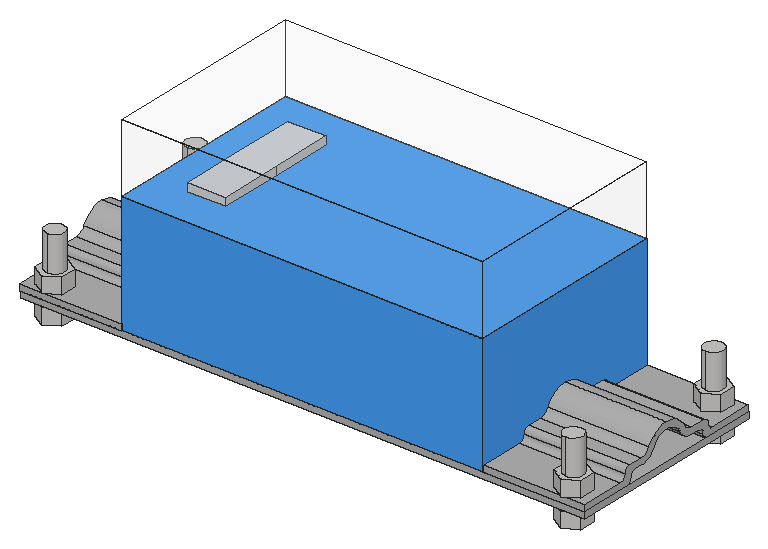
Revit family "DF_СчетчикУдаровМолнии_FOREND_91887_EZETEK", category Соединительные детали воздуховодов, Revit 2017
Family settings
  Размер круглого соединителя = Использовать радиус
  Тип детали = Соединение
  На основе рабочей плоскости = Нет
  Всегда вертикально = Да
  При загрузке вырезать с полостями = Нет
  Общий = Нет
Parameters (values of type "СчетчикУдаровМолнии_FOREND_91887")
  Угол = 90.00°  # constant formula
  Тип = FA_СчетчикУдаровМолнии_FOREND_91887_EZETEK : СчетчикУдаровМолнии_FOREND_91887
  СфераОшибки [instance] = 1 = 0  # no
  Предупреждение [instance] = if(СфераОшибки, "Допустимые диаметры стержней: 8, 10", "")  # ""
  Описание = "Держатель выполнен из оцинкованной стали и применяется для закрепления полосы и прутка на горизонтальных и вертикальных поверхностях. Зажим стягивается болтами с гайками М8. Для крепления держатель имеет отверстие диаметром 8,4 мм под винт либо саморез."  # constant formula
  Производитель_Контакты = "ezetek@ezetek.ru"  # constant formula
  built-in parameter 1114242 [instance] = 1 = 0  # (empty or 0)
  Изготовитель = "Ezetek"  # constant formula
  Группа модели = "Активная молниезащита"  # constant formula
  URL = "https://ezetek.ru/"
  R_Error [instance] = 1 mm  # constant formula
  ADSK_Этаж [instance] = ""
  ADSK_Размер_Радиус [instance] = 5 mm
  ADSK_Размер_Диаметр [instance] = 2 * ADSK_Размер_Радиус  # 10 mm
  ADSK_Примечание [instance] = "Неспецифицируемое"  # constant formula
  ADSK_Позиция [instance] = "Неспецифицируемое"  # constant formula
  ADSK_Обозначение = "Неспецифицируемое"  # constant formula
  ADSK_Наименование краткое [instance] = "Неспецифицируемое"  # constant formula
  ADSK_Наименование = "Неспецифицируемое"  # constant formula
  ADSK_Материал = BIMLIB_Сталь_Оцинкованная_EZETEK
  ADSK_Масса_Текст = "Неспецифицируемое"  # constant formula
  ADSK_Масса = 0  # constant formula
  ADSK_Марка = "Неспецифицируемое"  # constant formula
  ADSK_Количество = 0  # constant formula
  ADSK_Код изделия = "Неспецифицируемое"  # constant formula
  ADSK_Завод-изготовитель = "Неспецифицируемое"  # constant formula
  ADSK_Единица измерения = "Неспецифицируемое"  # constant formula
  ADSK_Группирование [instance] = ""
  ADSK_Версия Revit = "2017"  # constant formula
Reference planes
  plane 1 "По центру (Вперед/Назад)": y = 0
  plane 2: z = 0
  plane 3 "По центру (Влево/Вправо)": x = 0
  plane 4 "M": y = 0
  plane 5 "U": z = 0
  plane 6: x = 0
Forms (mm)
  Revolve 1, solid, visible <- "СфераОшибки"
    sketch origin (0, 0, 0) x (1, 0, 0) y (0, 1, 0)
      loop
        arc (1, 0) -> (0, 1) -> (-1, 0) r 1
        line (-1, 0) -> (1, 0)
      axis (1, 0) -> (-1, 0)
    angle from 0 to 360
Lines and regions (mm)
  reference lines
    curve 1: line (1, 0, 0) -> (-1, 0, 0)
Dimensions and locks
  equal spacing: curve 1, plane 6, curve 1
  locked: curve 1 to curve 1 at 2
  locked: plane 5 "U" to plane 2
  "R_Error": radius of Revolve 1 sketch curve
  aligned and locked: level to plane 2
  aligned and locked: curve 1 to plane 5 "U"
  aligned and locked: plane 1 "По центру (Вперед/Назад)" to Revolve 1 sketch curve  (x2)
  aligned and locked: Revolve 1 sketch curve to plane 4 "M"
Automatic sketch dimensions
  plane 1 "По центру (Вперед/Назад)" to curve 1 = 0 mm
  Revolve 1 sketch curve to plane 3 "По центру (Влево/Вправо)" = 0 mm
  Revolve 1 sketch curve to Revolve 1 sketch curve = 42.294 mm
  Revolve 1 sketch curve to Revolve 1 sketch curve = 33.119 mm
Nested families
  nested 1: "FA_СчетчикУдаровМолнии_FOREND_91887_EZETEK" at (0, 0, -2.625) x (0, -1, 0) z (0, 0, 1), ADSK_Этаж <- "ADSK_Этаж", ADSK_Группирование <- "ADSK_Группирование", type "СчетчикУдаровМолнии_FOREND_91887", detail levels medium+fine
    with Использовать масштаб аннотаций 0, ADSK_Этаж "", ADSK_Примечание "", ADSK_Позиция "", ADSK_Наименование краткое "Зажим заземления", ADSK_Группирование ""
Connectors
  hvac at (-1, 0, 0), driven by "ADSK_Размер_Диаметр"
    settings: on curve 1, index 1, duct flow 0.0 L/s, flow factor 0, pres drop 0.0 Pa, loss coef 0, conn angle 0.00°, conn width 30 mm, conn height 4 mm, conn diameter 20 mm, duct sys type 28, conn prof type 0, flow config 0, flow direction 0, loss method 0, conn ref index 2, conn util no, is conn primary yes, conn desc ""
  hvac at (1, 0, 0), driven by "ADSK_Размер_Диаметр"
    settings: on curve 1, index 2, duct flow 0.0 L/s, flow factor 0, pres drop 0.0 Pa, loss coef 0, conn angle 0.00°, conn width 30 mm, conn height 4 mm, conn diameter 20 mm, duct sys type 28, conn prof type 0, flow config 0, flow direction 0, loss method 0, conn ref index 1, conn util no, is conn primary no, conn desc ""
Definition of nested family "FA_СчетчикУдаровМолнии_FOREND_91887_EZETEK"
  Parameters (values of type "СчетчикУдаровМолнии_FOREND_91887")
    Производитель_Контакты = "ezetek@ezetek.ru"  # constant formula
    Description = "Счетчик ударов молнии FOREND предназначен для фиксации ударов молнии. Счетчик ударов молнии имеет индукционный принцип работы. Счетчик ударов молнии закрепляется непосредственно на токоотвод и фиксирует момент протекания тока молнии по токоотводу. Счетчик ударов молнии не нуждается в подключении внешних источников питания, в т.ч. аккумуляторных батарей. На всю систему молниезащиты объекта достаточно использовать один счетчик ударов молнии."  # constant formula
    Использовать масштаб аннотаций [instance] = 1 = 0  # 0
    Manufacturer = "Ezetek"  # constant formula
    URL = "https://ezetek.ru/"
    ADSK_Этаж [instance] = ""
    ADSK_Примечание [instance] = ""
    ADSK_Позиция [instance] = ""
    ADSK_Обозначение = "91887"
    ADSK_Наименование краткое [instance] = "Счетчик ударов"
    ADSK_Наименование = "Счетчик ударов молнии FOREND"
    ADSK_Материал = none
    ADSK_Масса_Текст = "0.68"  # constant formula
    ADSK_Масса = 0.68  # constant formula
    ADSK_Марка = "91887"
    ADSK_Количество = 1  # constant formula
    ADSK_Код изделия = "91887"
    ADSK_Завод-изготовитель = "Ezetek"  # constant formula
    ADSK_Единица измерения = "шт."  # constant formula
    ADSK_Группирование [instance] = ""
    ADSK_Версия Revit = "2017"  # constant formula
  Reference planes
    plane 1 "По центру (Вперед/Назад)": y = 0
    plane 2: z = 0
    plane 3 "По центру (Влево/Вправо)": x = 0
    plane 4: x = 0
    plane 5: x = -32.5
    plane 6: x = 32.5
    plane 7: z = -8.4
    plane 8: z = 53.6
    plane 9: z = 31.6
    plane 10: y = 90
    plane 11: y = -90
    plane 12: y = 57.5
    plane 13: y = -57.5
    plane 14: z = -13.4
  Forms (mm)
    Blend 1, solid, material <- "ADSK_Материал", detail levels fine
      base sketch origin (0, 0, -5) x (1, 0, 0) y (0, 0, 1)
        loop
          arc (-16.245, -1.409) -> (-15.007, -0.896) -> (-14.495, 0.341) r 1.75
          arc (-14.495, 0.341) -> (-13.982, 1.579) -> (-12.745, 2.091) r 1.75
          line (-12.745, 2.091) -> (-10.186, 2.091)
          arc (-10.186, 2.091) -> (-7.32, 2.872) -> (-5.248, 5) r 5.646
          arc (-5.248, 5) -> (-3.045, 7.261) -> (0, 8.091) r 6
          arc (0, 8.091) -> (3.045, 7.261) -> (5.248, 5) r 6
          arc (5.248, 5) -> (7.32, 2.872) -> (10.186, 2.091) r 5.646
          line (10.186, 2.091) -> (12.745, 2.091)
          arc (12.745, 2.091) -> (13.982, 1.579) -> (14.495, 0.341) r 1.75
          arc (14.495, 0.341) -> (15.007, -0.896) -> (16.245, -1.409) r 1.75
          line (16.245, -1.409) -> (32.5, -1.409) -> (32.5, 0.591) -> (18.245, 0.591)
          arc (18.245, 0.591) -> (17.007, 1.104) -> (16.495, 2.341) r 1.75
          arc (16.495, 2.341) -> (15.982, 3.579) -> (14.745, 4.091) r 1.75
          line (14.745, 4.091) -> (10.001, 4.091)
          arc (10.001, 4.091) -> (8.285, 4.566) -> (7.059, 5.856) r 3.335
          arc (7.059, 5.856) -> (4.116, 8.951) -> (0, 10.091) r 8
          arc (0, 10.091) -> (-4.116, 8.951) -> (-7.059, 5.856) r 8
          arc (-7.059, 5.856) -> (-8.285, 4.566) -> (-10.001, 4.091) r 3.335
          line (-10.001, 4.091) -> (-14.745, 4.091)
          arc (-14.745, 4.091) -> (-15.982, 3.579) -> (-16.495, 2.341) r 1.75
          arc (-16.495, 2.341) -> (-17.007, 1.104) -> (-18.245, 0.591) r 1.75
          line (-18.245, 0.591) -> (-32.5, 0.591) -> (-32.5, -1.409) -> (-16.245, -1.409)
      top sketch origin (0, 0, -5) x (1, 0, 0) y (0, 0, 1)
        loop
          arc (-16.245, -1.409) -> (-15.007, -0.896) -> (-14.495, 0.341) r 1.75
          arc (-14.495, 0.341) -> (-13.982, 1.579) -> (-12.745, 2.091) r 1.75
          line (-12.745, 2.091) -> (-10.186, 2.091)
          arc (-10.186, 2.091) -> (-7.32, 2.872) -> (-5.248, 5) r 5.646
          arc (-5.248, 5) -> (-3.045, 7.261) -> (0, 8.091) r 6
          arc (0, 8.091) -> (3.045, 7.261) -> (5.248, 5) r 6
          arc (5.248, 5) -> (7.32, 2.872) -> (10.186, 2.091) r 5.646
          line (10.186, 2.091) -> (12.745, 2.091)
          arc (12.745, 2.091) -> (13.982, 1.579) -> (14.495, 0.341) r 1.75
          arc (14.495, 0.341) -> (15.007, -0.896) -> (16.245, -1.409) r 1.75
          line (16.245, -1.409) -> (32.5, -1.409) -> (32.5, 0.591) -> (18.245, 0.591)
          arc (18.245, 0.591) -> (17.007, 1.104) -> (16.495, 2.341) r 1.75
          arc (16.495, 2.341) -> (15.982, 3.579) -> (14.745, 4.091) r 1.75
          line (14.745, 4.091) -> (10.001, 4.091)
          arc (10.001, 4.091) -> (8.285, 4.566) -> (7.059, 5.856) r 3.335
          arc (7.059, 5.856) -> (4.116, 8.951) -> (0, 10.091) r 8
          arc (0, 10.091) -> (-4.116, 8.951) -> (-7.059, 5.856) r 8
          arc (-7.059, 5.856) -> (-8.285, 4.566) -> (-10.001, 4.091) r 3.335
          line (-10.001, 4.091) -> (-14.745, 4.091)
          arc (-14.745, 4.091) -> (-15.982, 3.579) -> (-16.495, 2.341) r 1.75
          arc (-16.495, 2.341) -> (-17.007, 1.104) -> (-18.245, 0.591) r 1.75
          line (-18.245, 0.591) -> (-32.5, 0.591) -> (-32.5, -1.409) -> (-16.245, -1.409)
      from 90 to 57.5
    Blend 2, solid, material <- "ADSK_Материал", detail levels fine
      base sketch origin (0, 0, -5) x (1, 0, 0) y (0, 0, -1)
        loop
          line (-16.245, 1.409) -> (-32.5, 1.409) -> (-32.5, -0.591) -> (-18.245, -0.591)
          arc (-18.245, -0.591) -> (-17.007, -1.104) -> (-16.495, -2.341) r 1.75
          arc (-16.495, -2.341) -> (-15.982, -3.579) -> (-14.745, -4.091) r 1.75
          line (-14.745, -4.091) -> (-10.001, -4.091)
          arc (-10.001, -4.091) -> (-8.285, -4.566) -> (-7.059, -5.856) r 3.335
          arc (-7.059, -5.856) -> (-4.116, -8.951) -> (0, -10.091) r 8
          arc (0, -10.091) -> (4.116, -8.951) -> (7.059, -5.856) r 8
          arc (7.059, -5.856) -> (8.285, -4.566) -> (10.001, -4.091) r 3.335
          line (10.001, -4.091) -> (14.745, -4.091)
          arc (14.745, -4.091) -> (15.982, -3.579) -> (16.495, -2.341) r 1.75
          arc (16.495, -2.341) -> (17.007, -1.104) -> (18.245, -0.591) r 1.75
          line (18.245, -0.591) -> (32.5, -0.591) -> (32.5, 1.409) -> (16.245, 1.409)
          arc (16.245, 1.409) -> (15.007, 0.896) -> (14.495, -0.341) r 1.75
          arc (14.495, -0.341) -> (13.982, -1.579) -> (12.745, -2.091) r 1.75
          line (12.745, -2.091) -> (10.186, -2.091)
          arc (10.186, -2.091) -> (7.32, -2.872) -> (5.248, -5) r 5.646
          arc (5.248, -5) -> (3.045, -7.261) -> (0, -8.091) r 6
          arc (0, -8.091) -> (-3.045, -7.261) -> (-5.248, -5) r 6
          arc (-5.248, -5) -> (-7.32, -2.872) -> (-10.186, -2.091) r 5.646
          line (-10.186, -2.091) -> (-12.745, -2.091)
          arc (-12.745, -2.091) -> (-13.982, -1.579) -> (-14.495, -0.341) r 1.75
          arc (-14.495, -0.341) -> (-15.007, 0.896) -> (-16.245, 1.409) r 1.75
      top sketch origin (0, 0, -5) x (1, 0, 0) y (0, 0, -1)
        loop
          line (-16.245, 1.409) -> (-32.5, 1.409) -> (-32.5, -0.591) -> (-18.245, -0.591)
          arc (-18.245, -0.591) -> (-17.007, -1.104) -> (-16.495, -2.341) r 1.75
          arc (-16.495, -2.341) -> (-15.982, -3.579) -> (-14.745, -4.091) r 1.75
          line (-14.745, -4.091) -> (-10.001, -4.091)
          arc (-10.001, -4.091) -> (-8.285, -4.566) -> (-7.059, -5.856) r 3.335
          arc (-7.059, -5.856) -> (-4.116, -8.951) -> (0, -10.091) r 8
          arc (0, -10.091) -> (4.116, -8.951) -> (7.059, -5.856) r 8
          arc (7.059, -5.856) -> (8.285, -4.566) -> (10.001, -4.091) r 3.335
          line (10.001, -4.091) -> (14.745, -4.091)
          arc (14.745, -4.091) -> (15.982, -3.579) -> (16.495, -2.341) r 1.75
          arc (16.495, -2.341) -> (17.007, -1.104) -> (18.245, -0.591) r 1.75
          line (18.245, -0.591) -> (32.5, -0.591) -> (32.5, 1.409) -> (16.245, 1.409)
          arc (16.245, 1.409) -> (15.007, 0.896) -> (14.495, -0.341) r 1.75
          arc (14.495, -0.341) -> (13.982, -1.579) -> (12.745, -2.091) r 1.75
          line (12.745, -2.091) -> (10.186, -2.091)
          arc (10.186, -2.091) -> (7.32, -2.872) -> (5.248, -5) r 5.646
          arc (5.248, -5) -> (3.045, -7.261) -> (0, -8.091) r 6
          arc (0, -8.091) -> (-3.045, -7.261) -> (-5.248, -5) r 6
          arc (-5.248, -5) -> (-7.32, -2.872) -> (-10.186, -2.091) r 5.646
          line (-10.186, -2.091) -> (-12.745, -2.091)
          arc (-12.745, -2.091) -> (-13.982, -1.579) -> (-14.495, -0.341) r 1.75
          arc (-14.495, -0.341) -> (-15.007, 0.896) -> (-16.245, 1.409) r 1.75
      from 90 to 57.5
    Extrusion 3, solid, detail levels fine
      sketch origin (0, 0, 0) x (1, 0, 0) y (0, 1, 0)
        loop
          line (-32.5, 57.5) -> (-32.5, -57.5) -> (32.5, -57.5) -> (32.5, 57.5) -> (-32.5, 57.5)
      from 31.6 to -6.409
    Extrusion 4, solid, detail levels fine
      sketch origin (0, 0, 0) x (1, 0, 0) y (0, 1, 0)
        loop
          line (-32.5, 57.5) -> (-32.5, -57.5) -> (32.5, -57.5) -> (32.5, 57.5) -> (-32.5, 57.5)
      from 53.6 to 31.6
    Extrusion 5, solid, material <- "ADSK_Материал", detail levels fine
      sketch origin (0, 0, 0) x (1, 0, 0) y (0, 1, 0)
        loop
          line (-32.5, -90) -> (32.5, -90) -> (32.5, 90) -> (-32.5, 90) -> (-32.5, -90)
      from -6.409 to -8.4
    Extrusion 6, solid, detail levels fine
      sketch origin (0, 0, 0) x (1, 0, 0) y (0, 1, 0)
        loop
          line (-25.406, 78.34) -> (-22.906, 82.67) -> (-25.406, 87) -> (-30.406, 87) -> (-32.906, 82.67) -> (-30.406, 78.34) -> (-25.406, 78.34)
        loop
          line (25.406, 78.34) -> (30.406, 78.34) -> (32.906, 82.67) -> (30.406, 87) -> (25.406, 87) -> (22.906, 82.67) -> (25.406, 78.34)
        loop
          line (-25.406, -78.34) -> (-30.406, -78.34) -> (-32.906, -82.67) -> (-30.406, -87) -> (-25.406, -87) -> (-22.906, -82.67) -> (-25.406, -78.34)
        loop
          line (25.406, -78.34) -> (22.906, -82.67) -> (25.406, -87) -> (30.406, -87) -> (32.906, -82.67) -> (30.406, -78.34) -> (25.406, -78.34)
      from -8.4 to -13.4
    Extrusion 7, solid, detail levels fine
      sketch origin (0, 0, -8.818) x (0, -1, 0) y (1, 0, 0)
        loop
          line (-78.34, -25.406) -> (-82.67, -22.906) -> (-87, -25.406) -> (-87, -30.406) -> (-82.67, -32.906) -> (-78.34, -30.406) -> (-78.34, -25.406)
        loop
          line (-78.34, 25.406) -> (-78.34, 30.406) -> (-82.67, 32.906) -> (-87, 30.406) -> (-87, 25.406) -> (-82.67, 22.906) -> (-78.34, 25.406)
        loop
          line (78.34, -25.406) -> (78.34, -30.406) -> (82.67, -32.906) -> (87, -30.406) -> (87, -25.406) -> (82.67, -22.906) -> (78.34, -25.406)
        loop
          line (78.34, 25.406) -> (82.67, 22.906) -> (87, 25.406) -> (87, 30.406) -> (82.67, 32.906) -> (78.34, 30.406) -> (78.34, 25.406)
      from 9.4 to 4.409
    Extrusion 8, solid, detail levels fine
      sketch origin (0, 0, 0) x (1, 0, 0) y (0, 1, 0)
        loop
          circle (-27.906, 82.661) r 3
        loop
          circle (27.906, 82.661) r 3
        loop
          circle (-27.906, -82.661) r 3
        loop
          circle (27.906, -82.661) r 3
      from 11.6 to 0.582
    Extrusion 9, solid, detail levels fine
      sketch origin (0, 0, 0) x (1, 0, 0) y (0, 1, 0)
        loop
          line (0, -34.597) -> (-20, -34.597) -> (-20, -46.597) -> (0, -46.597) -> (20, -46.597) -> (20, -34.597) -> (0, -34.597)
      from 34.031 to 31.6
  Dimensions and locks
    locked: plane 5 to plane 3 "По центру (Влево/Вправо)" at 32.5
    plane 6 to plane 3 "По центру (Влево/Вправо)" = 32.5 mm
    locked: plane 2 to plane 7 at 8.4
    plane 8 to plane 7 = 62 mm
    locked: plane 9 to plane 7 at 40
    locked: plane 1 "По центру (Вперед/Назад)" to plane 10 at 90
    locked: plane 1 "По центру (Вперед/Назад)" to plane 11 at 90
    locked: plane 1 "По центру (Вперед/Назад)" to plane 12 at 57.5
    locked: plane 1 "По центру (Вперед/Назад)" to plane 13 at 57.5
    locked: plane 7 to plane 14 at 5
    aligned and locked: level to plane 2
    aligned and locked: Blend 1 to plane 11
    aligned and locked: Blend 1 to plane 13
    aligned and locked: Extrusion 3 sketch curve to Blend 2  (x2)
    aligned and locked: Extrusion 3 sketch curve to plane 13
    aligned and locked: Extrusion 3 sketch curve to plane 6
    aligned and locked: Extrusion 4 sketch curve to Blend 2
    aligned and locked: Extrusion 4 sketch curve to Extrusion 3  (x2)
    aligned and locked: plane 8 to Extrusion 4
    aligned and locked: Extrusion 4 to plane 9
    aligned and locked: plane 9 to Extrusion 3
    aligned and locked: Extrusion 6 to plane 14
    aligned and locked: Extrusion 6 to plane 7
    aligned and locked: Extrusion 8 to Extrusion 7
    aligned and locked: Extrusion 5 to Blend 1
    aligned and locked: Extrusion 9 to plane 9
